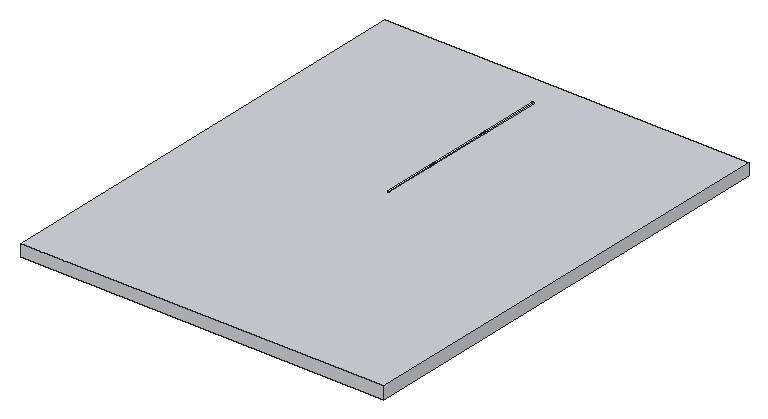
Revit family "Holocom-SMD Mini Dukt-2015", category Security Devices, host Face, Revit 2015
Parameters (values of type "5-foot sections")
  Unit Length = 5' - 4"
  URL = "www.holocom.com"
  Single Connector [instance] = Length Input > Unit Length  # yes
  Product Page URL = "http://holocom.com/pdfs/Product%20files/Secure%20Mini%20Dukt/SMD-WM-T50.pdf"
  Offset = 0' - 1"
  No. Units [instance] = if(Length Input < Unit Length * 2, 2, rounddown(Length Input / Unit Length))  # 2
  Model - Connector = "SMD-WM-MB"
  Model = "SMD-WM-T50"
  Material = Holocom_WhiteTextured
  Manufacturer = "Holocom"  # constant formula
  Length Input [instance] = 15' - 0"
  Default Elevation = 4' - 0"
  Connector [instance] = Length Input > Unit Length * 2  # yes
Reference planes (in)
  plane 1: z = 0
  plane 2: z = 1.75
  plane 3 "Center": x = -6
  plane 4 "Back of Mini Dukt": z = 1
  plane 5 "Bottom": y = -67.88391
  plane 6 "Top": y = 112.11609
  plane 7: y = 48.11609
  plane 8: y = -15.88391
Forms (in)
  Extrusion 1, solid
    sketch origin (0, 0, 0) x (1, 0, 0) y (0, 1, 0)
      loop
        line (-179.25, 144.26) -> (-179.25, -308.58367) -> (182.06834, -308.58367) -> (182.06834, 144.26) -> (-179.25, 144.26)
    from 0 to -12
  Extrusion 2, solid, material "Holocom_WhiteTextured" <- "Material"
    sketch origin (0, 112.11609, 0) x (-1, 0, 0) y (0, 0, 1)
      loop
        line (5.25, 1) -> (6.75, 1) -> (6.75, 1.625)
        arc (6.75, 1.625) -> (6.71339, 1.71339) -> (6.625, 1.75) r 0.125
        line (6.625, 1.75) -> (5.375, 1.75)
        arc (5.375, 1.75) -> (5.28661, 1.71339) -> (5.25, 1.625) r 0.125
        line (5.25, 1.625) -> (5.25, 1)
    from 0 to -180
Lines and regions (in)
  reference lines
    curve 1: line (-9.25, -67.88391, 0) -> (-2.75, -67.88391, 0)
  symbolic lines, style "Secure Distribution System"
    curve 2: line (-6.75, 112.11609, 1.75) -> (-6.75, -67.88391, 1.75)
Dimensions and locks (in)
  "Offset": plane 4 "Back of Mini Dukt" to plane 1
  "Length Input": plane 6 "Top" to plane 5 "Bottom"
  "Unit Length": plane 6 "Top" to plane 7
  group 1 to group 2 = 0' - 0"  (x2)
  group 2 to group 1 = 5' - 4"
  "Unit Length": plane 7 to plane 8
  locked: plane 2 to plane 4 "Back of Mini Dukt" at 0.75
  aligned and locked: Extrusion 1 to plane 1
  aligned and locked: level to Extrusion 1
  aligned and locked: Extrusion 2 sketch curve to plane 2
  aligned and locked: Extrusion 2 sketch curve to plane 4 "Back of Mini Dukt"
  aligned and locked: plane 6 "Top" to Extrusion 2
  aligned and locked: Extrusion 2 to plane 5 "Bottom"
  aligned and locked: Extrusion 2 to plane 6 "Top"
  aligned and locked: curve 1 to plane 5 "Bottom"
  aligned and locked: plane 3 "Center" to nested 1
  aligned and locked: plane 7 to nested 1
  aligned and locked: plane 8 to nested 3
  aligned and locked: plane 7 to nested 2
  aligned and locked: plane 3 "Center" to nested 2
  aligned and locked: plane 6 "Top" to curve 2
  aligned and locked: plane 5 "Bottom" to curve 2
Automatic sketch dimensions
  Extrusion 1 sketch curve to Extrusion 1 sketch curve = 30' - 1.31834"
  Extrusion 1 sketch curve to Extrusion 1 sketch curve = 37' - 8.84367"
  plane 2 to Extrusion 2 sketch curve = 0' - 0 1/8"  (x2)
  plane 3 "Center" to Extrusion 2 sketch curve = 0' - 0 3/4"
  Extrusion 2 sketch curve to plane 3 "Center" = 0' - 0 5/8"
  curve 1 to plane 3 "Center" = 0' - 3 1/4"
  plane 3 "Center" to curve 1 = 0' - 3 1/4"
  curve 2 to Extrusion 2 = 0' - 0 1/8"
Nested families (in)
  nested 1: "MiniDukt Connector" at (-6, 48.11609, 0) x (0, 1, 0) z (0, 0, 1), visible <- "Connector", type "MiniDukt Connector"
    with Mounting Bridge yes
  nested 2: "MiniDukt Connector" at (-6, 48.11609, 0) x (0, 1, 0) z (0, 0, 1), visible <- "Single Connector", type "MiniDukt Connector"
  nested 3: "MiniDukt Connector" at (-6, -15.88391, 0) x (0, 1, 0) z (0, 0, 1), visible <- "Connector", type "MiniDukt Connector"
    with Mounting Bridge yes
Definition of nested family "MiniDukt Connector"
  Parameters (values of type "MiniDukt Connector")
    Width = 0' - 1 9/16"
    Offset = 0' - 1"
    Mounting Bridge [instance] = yes
    Material = none
    Length = 0' - 5"
    Depth = 0' - 0 3/4"
    Default Elevation = 4' - 0"
  Reference planes (in)
    plane 1 "Center (Front/Back)": y = 0
    plane 2: z = 0
    plane 3 "Connector Left": x = 0
    plane 4 "Connector Right": x = 5
    plane 5: y = 0.78125
    plane 6: y = -0.78125
    plane 7 "Front": z = 1.75
    plane 8 "Back of Mini Dukt": z = 1
  Forms (in)
    Extrusion 1, solid
      sketch origin (0, 0, 0) x (1, 0, 0) y (0, 1, 0)
        loop
          line (-48, 48) -> (-48, -48) -> (48, -48) -> (48, 48) -> (-48, 48)
      from 0 to -12
    Extrusion 2, solid, material <- "Material"
      sketch origin (0, 0, 0) x (0, 1, 0) y (0, 0, 1)
        loop
          line (-0.78125, 1) -> (0.78125, 1) -> (0.78125, 1.625)
          arc (0.78125, 1.625) -> (0.74464, 1.71339) -> (0.65625, 1.75) r 0.125
          line (0.65625, 1.75) -> (-0.65625, 1.75)
          arc (-0.65625, 1.75) -> (-0.74464, 1.71339) -> (-0.78125, 1.625) r 0.125
          line (-0.78125, 1.625) -> (-0.78125, 1)
      from 0 to 5
  Lines and regions (in)
    model lines, visible <- "Mounting Bridge"
      curve 1: circle (2.5, 0, 1.75) r 0.3125 normal (0, 0, 1)
  Dimensions and locks (in)
    equal spacing: plane 5, plane 1 "Center (Front/Back)", plane 6
    "Width": plane 5 to plane 6
    "Length": plane 3 "Connector Left" to plane 4 "Connector Right"
    "Depth": plane 7 "Front" to plane 8 "Back of Mini Dukt"
    "Offset": plane 8 "Back of Mini Dukt" to plane 2
    aligned and locked: plane 2 to Extrusion 1
    aligned and locked: level to Extrusion 1
    aligned and locked: plane 5 to Extrusion 2 sketch curve
    aligned and locked: plane 7 "Front" to Extrusion 2 sketch curve
    aligned and locked: Extrusion 2 sketch curve to plane 6
    aligned and locked: plane 4 "Connector Right" to Extrusion 2
    aligned and locked: Extrusion 2 sketch curve to plane 8 "Back of Mini Dukt"
  Automatic sketch dimensions
    Extrusion 1 sketch curve to Extrusion 1 sketch curve = 8' - 0"  (x2)
    plane 6 to Extrusion 2 sketch curve = 0' - 0 1/8"
    Extrusion 2 sketch curve to plane 5 = 0' - 0 1/8"
    plane 1 "Center (Front/Back)" to curve 1 = 0' - 0"
    plane 3 "Connector Left" to curve 1 = 0' - 2 1/2"
    radius of curve 1 = 0' - 0 5/16"
